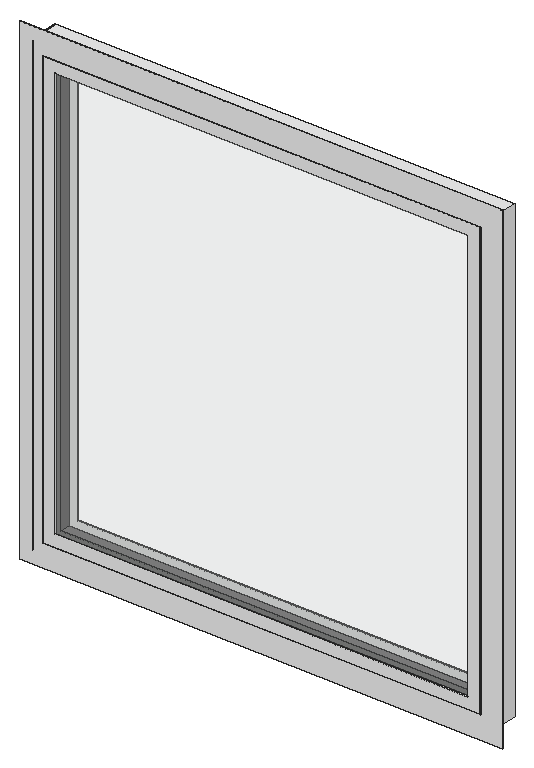
Revit family "Casement_36_C_Top_Hung_Custom", category Windows, host Wall, Revit 2014
Parameters (values of type "Casement_Sash_DG")
  Width Sash [instance] = 30 mm
  Width Sash Inner = 15 mm
  Width Bead = 15 mm
  Top Hung [instance] = yes
  Side Hung Right [instance] = yes
  Side Hung Left [instance] = yes
  Sash Opening Width [instance] = 600 mm
  Sash Opening Height [instance] = 600.312 mm
  Sash Lip = 15 mm
  Glazing Material [instance] = Glass
  DG Start Piece 2 [instance] = DG End Piece 1 + DG Gasket Thickness  # 25 mm
  DG Start Peice 1 [instance] = (Depth Sash - (2 * DG Glazing Thickness) - DG Gasket Thickness) / 2  # 6.6 mm
  Glazing Offset = 5 mm
  DG Glazing Thickness [instance] = 6.4 mm
  DG Gasket Thickness = 12 mm  # constant formula
  DG Gasket Material [instance] = Double Glazing Gasket Material
  DG End Piece 2 [instance] = DG Start Piece 2 + DG Glazing Thickness  # 31.4 mm
  DG End Piece 1 [instance] = DG Start Peice 1 + DG Glazing Thickness  # 13 mm
  Depth Sash [instance] = 38 mm
  Center Vertical Sash [instance] = Sash Opening Height / 2  # 300.156 mm
  Center Horizontal Sash [instance] = Sash Opening Width / 2  # 300 mm
  Bottom Hung [instance] = yes
  Bead Offset = 15 mm
  Aluminium Thickness = 1 mm
  Aluminium Material [instance] = White Powder Coated Aluminium
Reference planes
  plane 1 "Center (Front/Back)": y = 0
  plane 2: z = 0
  plane 3 "Center (Left/Right)": x = 0
Forms (mm)
  Sweep 1, solid, material "White Powder Coated Aluminium" <- "Aluminium Material"
    path origin (16.177, 0, 121.331) x (1, 0, 0) y (0, 0, 1)
      loop
        line (0, 0) -> (600, 0) -> (600, 600.312) -> (0, 600.312) -> (0, 0)
    profile origin (316.177, 0, 121.331) x (0, 0, 1) y (0, -1, 0)
      loop
        line (0, 0) -> (30, 0) -> (30, 1) -> (15, 1) -> (15, 38) -> (-15, 38) -> (-15, 37) -> (0, 37) -> (0, 0)
      loop
        line (14, 1) -> (14, 37) -> (1, 37) -> (1, 1) -> (14, 1)
  Sweep 2, solid, material "White Powder Coated Aluminium" <- "Aluminium Material"
    path origin (0, 0, 0) x (1, 0, 0) y (0, 0, 1)
      loop
        line (31.177, 706.643) -> (31.177, 136.331) -> (601.177, 136.331) -> (601.177, 706.643) -> (31.177, 706.643)
    profile origin (316.177, 0, 706.643) x (0, 0, 1) y (0, -1, 0)
      loop
        line (0, 37) -> (0, 38) -> (-15, 38) -> (-15, 37) -> (0, 37)
  Extrusion 3, solid, material "Glass" <- "Glazing Material"
    sketch origin (0, 0, 0) x (1, 0, 0) y (0, 0, 1)
      loop
        line (36.177, 701.643) -> (36.177, 141.331) -> (596.177, 141.331) -> (596.177, 701.643) -> (36.177, 701.643)
    from 6.6 <- "DG Start Peice 1" to 13 <- "DG End Piece 1"
  Extrusion 4, solid, material "Glass" <- "Glazing Material"
    sketch origin (0, 0, 0) x (1, 0, 0) y (0, 0, 1)
      loop
        line (36.177, 701.643) -> (36.177, 141.331) -> (596.177, 141.331) -> (596.177, 701.643) -> (36.177, 701.643)
    from 31.4 <- "DG End Piece 2" to 25 <- "DG Start Piece 2"
  Sweep 5, solid, material "Double Glazing Gasket Material" <- "DG Gasket Material"
    path origin (0, -13, 0) x (1, 0, 0) y (0, 0, 1)
      loop
        line (36.177, 701.643) -> (36.177, 141.331) -> (596.177, 141.331) -> (596.177, 701.643) -> (36.177, 701.643)
    profile origin (316.177, -13, 701.643) x (0, 0, 1) y (0, -1, 0)
      loop
        line (0, 0) -> (0, 12) -> (-7.96, 12) -> (-7.96, 0) -> (0, 0)
Lines and regions (mm)
  model lines
    curve 1: line (1.177, -38, 736.643) -> (31.177, -38, 706.643)
    curve 2: line (601.177, -38, 706.643) -> (631.177, -38, 736.643)
    curve 3: line (601.177, -38, 136.331) -> (631.177, -38, 106.331)
    curve 4: line (1.177, -38, 106.331) -> (31.177, -38, 136.331)
    curve 5: line (631.177, -37, 736.643) -> (616.177, -37, 721.643)
    curve 6: line (1.177, -37, 736.643) -> (16.177, -37, 721.643)
    curve 7: line (1.177, -37, 106.331) -> (16.177, -37, 121.331)
    curve 8: line (631.177, -37, 106.331) -> (616.177, -37, 121.331)
    curve 9: line (616.177, 0, 121.331) -> (586.177, 0, 151.331)
    curve 10: line (46.177, 0, 151.331) -> (16.177, 0, 121.331)
    curve 11: line (616.177, 0, 721.643) -> (586.177, 0, 691.643)
    curve 12: line (46.177, 0, 691.643) -> (16.177, 0, 721.643)
    curve 13: line (31.177, -38, 691.643) -> (46.177, -38, 691.643)
    curve 14: line (586.177, -38, 691.643) -> (601.177, -38, 691.643)
    curve 15: line (586.177, -38, 151.331) -> (601.177, -38, 151.331)
    curve 16: line (31.177, -38, 151.331) -> (46.177, -38, 151.331)
  model lines, style "GenericModelHiddenLines", visible <- "Top Hung"
    curve 17: line (46.386, -31.4, 690.914) -> (316.177, -31.4, 151.331)
    curve 18: line (316.177, -31.4, 151.331) -> (586.177, -31.4, 691.331)
  model lines, style "GenericModelHiddenLines", visible <- "Bottom Hung"
    curve 19: line (46.177, -31.4, 151.331) -> (316.177, -31.4, 691.331)
    curve 20: line (316.177, -31.4, 691.331) -> (586.177, -31.4, 151.331)
  model lines, style "GenericModelHiddenLines", visible <- "Side Hung Left"
    curve 21: line (46.386, -31.4, 690.914) -> (585.24, -31.4, 421.487)
    curve 22: line (585.24, -31.4, 421.487) -> (46.177, -31.4, 151.331)
  model lines, style "GenericModelHiddenLines", visible <- "Side Hung Right"
    curve 23: line (586.177, -31.4, 691.331) -> (46.177, -31.4, 421.487)
    curve 24: line (46.177, -31.4, 421.487) -> (586.177, -31.4, 151.331)
Dimensions and locks
  "Aluminium Thickness": Sweep 1 sketch curve to Sweep 1 sketch curve  (x4)
  "Depth Sash": Sweep 1 sketch curve to Sweep 1 sketch curve
  "Sash Opening Width": Sweep 1 to Sweep 1
  "Sash Opening Height": Sweep 1 to Sweep 1
  "Width Sash": Sweep 1 sketch curve to Sweep 1 sketch curve  (x2)
  "Width Sash Inner": Sweep 1 sketch curve to Sweep 1 sketch curve
  "Sash Lip": Sweep 1 sketch curve to Sweep 1 sketch curve
  "Aluminium Thickness": Sweep 1 to Sweep 2 sketch curve
  "Glazing Offset": Sweep 2 to Extrusion 3 sketch curve  (x3)
  "Glazing Offset": Extrusion 3 sketch curve to Sweep 2
  Sweep 1 to Sweep 1 = 1 mm
  "Aluminium Thickness": Sweep 2 sketch curve to Sweep 2 sketch curve
  "Width Bead": Sweep 2 sketch curve to Sweep 2 sketch curve
  locked: Sweep 5 sketch curve to Sweep 5 sketch curve at 7.96
  "Center Horizontal Sash": Sweep 1 to curve 18
  "Center Horizontal Sash": Sweep 1 to curve 20
  "Center Vertical Sash": Sweep 1 to curve 22
  "Center Vertical Sash": Sweep 1 to curve 24
  aligned and locked: level to plane 2
  aligned and locked: Sweep 1 sketch curve to Sweep 1 sketch curve  (x2)
  aligned and locked: Sweep 2 sketch curve to Sweep 1  (x5)
  aligned and locked: Extrusion 4 sketch curve to Extrusion 3  (x4)
  aligned and locked: Sweep 5 sketch curve to Extrusion 3  (x5)
  aligned and locked: Extrusion 3 to Sweep 5 sketch curve
Automatic sketch dimensions
  plane 3 "Center (Left/Right)" to Sweep 1 sketch curve = 16.177 mm
  level to Sweep 1 sketch curve = 121.331 mm
  plane 3 "Center (Left/Right)" to Sweep 1 sketch curve = 616.177 mm
  level to Sweep 1 sketch curve = 721.643 mm
  profile plane to Sweep 5 sketch curve = 12 mm
  curve 7 to Sweep 1 = 0 mm  (x4)
  curve 6 to Sweep 1 = 0 mm  (x3)
  Sweep 1 to curve 6 = 0 mm
  curve 5 to Sweep 1 = 0 mm  (x3)
  curve 8 to Sweep 1 = 0 mm  (x4)
  Sweep 1 to curve 5 = 0 mm
  curve 16 to Sweep 2 = 0 mm  (x3)
  curve 13 to Sweep 2 = 0 mm  (x3)
  curve 15 to Sweep 2 = 0 mm
  Sweep 2 to curve 15 = 0 mm  (x2)
  curve 14 to Sweep 2 = 0 mm  (x2)
  Sweep 2 to curve 14 = 0 mm
  curve 1 to Sweep 1 = 0 mm  (x4)
  curve 4 to Sweep 1 = 0 mm  (x3)
  Sweep 1 to curve 4 = 0 mm
  curve 3 to Sweep 1 = 0 mm  (x3)
  curve 2 to Sweep 1 = 0 mm  (x4)
  Sweep 1 to curve 3 = 0 mm
  curve 10 to Sweep 1 = 0 mm  (x4)
  curve 12 to Sweep 1 = 0 mm  (x3)
  Sweep 1 to curve 12 = 0 mm
  curve 9 to Sweep 1 = 0 mm  (x4)
  curve 11 to Sweep 1 = 0 mm  (x3)
  Sweep 1 to curve 11 = 0 mm
  Sweep 1 sketch curve to plane 1 "Center (Front/Back)" = 0 mm
  profile plane to Sweep 1 sketch curve = 0 mm
  curve 21 to Extrusion 4 = 10.208 mm
  curve 19 to Extrusion 4 = 10 mm
  curve 23 to Extrusion 4 = 10 mm  (x2)
  curve 22 to Extrusion 4 = 10.937 mm
  curve 20 to Extrusion 4 = 10 mm
  curve 24 to Extrusion 4 = 10 mm
  curve 22 to Extrusion 4 = 10 mm
  curve 18 to Extrusion 4 = 10 mm
  curve 21 to Extrusion 4 = 10.729 mm
  curve 19 to Extrusion 4 = 10.312 mm
  curve 18 to Extrusion 4 = 10.312 mm
